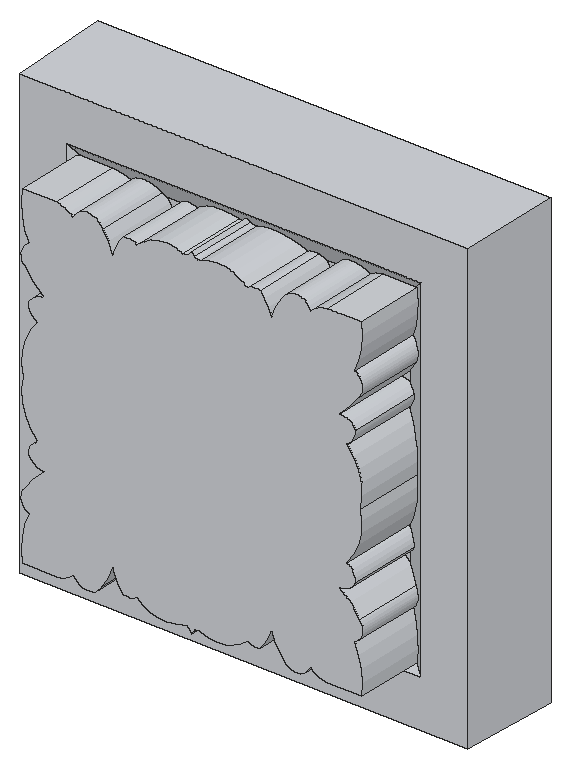
Revit family "OracDecor_D210", category Обобщенные модели, Revit 2019
Family settings
  Может служить основой для арматурных стержней = Нет
  Размер круглого соединителя = Использовать диаметр
  Тип детали = Нормальный
  На основе рабочей плоскости = Нет
  Всегда вертикально = Да
  При загрузке вырезать с полостями = Нет
  Общий = Нет
  Точка расчета площади = Нет
Parameters
  Изготовитель = "Family from POCHERTEAM"  # constant formula
  URL = "t.me/pocherteam"
Reference planes
  plane 1 "По центру (Вперед/Назад)": y = 0
  plane 2: z = 0
  plane 3 "По центру (Влево/Вправо)": x = 0
Forms (mm)
  Sweep 1, solid
    path origin (0, 0, 0) x (1, 0, 0) y (0, 0, 1)
      loop
        line (0, 0) -> (96, 0) -> (96, 96) -> (0, 96) -> (0, 0)
    profile origin (0, 0, 48) x (-1, 0, 0) y (0, -1, 0)
      loop
        line (-0.549, 21.3) -> (-10.445, 21.3) -> (-15, 18.67) -> (-15, 0) -> (0, 0) -> (-0.549, 21.3)
  Extrusion 2, solid
    sketch origin (0, 0, 0) x (1, 0, 0) y (0, 0, 1)
      loop
        line (15, 81) -> (15, 15) -> (81, 15) -> (81, 81) -> (15, 81)
    from 0 to 18.67
  Extrusion 3, solid
    sketch origin (0, 0, 0) x (1, 0, 0) y (0, 0, 1)
      loop
        arc (12.012, 12.424) -> (15.617, 12.249) -> (19.221, 12.424) r 37.186
        arc (19.221, 12.424) -> (21.151, 12.951) -> (22.796, 14.091) r 5.927
        arc (22.796, 14.091) -> (25.907, 12.109) -> (29.017, 14.091) r 3.432
        arc (29.017, 14.091) -> (30.286, 16.065) -> (31.213, 18.221) r 14.24
        arc (31.213, 18.221) -> (32.068, 15.969) -> (33.526, 14.05) r 8.432
        arc (33.526, 14.05) -> (34.964, 13.914) -> (36.291, 14.488) r 2.903
        arc (36.291, 14.488) -> (40.933, 12.139) -> (46.099, 12.758) r 8.981
        arc (46.099, 12.758) -> (46.866, 12.817) -> (47.5, 12.383) r 1.16
        line (47.5, 12.383) -> (48, 11.703) -> (48.5, 12.383)
        arc (48.5, 12.383) -> (49.134, 12.817) -> (49.901, 12.758) r 1.16
        arc (49.901, 12.758) -> (55.067, 12.139) -> (59.709, 14.488) r 8.981
        arc (59.709, 14.488) -> (61.036, 13.914) -> (62.474, 14.05) r 2.903
        arc (62.474, 14.05) -> (63.932, 15.969) -> (64.787, 18.221) r 8.432
        arc (64.787, 18.221) -> (65.714, 16.065) -> (66.983, 14.091) r 14.24
        arc (66.983, 14.091) -> (70.093, 12.109) -> (73.204, 14.091) r 3.432
        arc (73.204, 14.091) -> (74.849, 12.951) -> (76.779, 12.424) r 5.927
        arc (76.779, 12.424) -> (80.383, 12.249) -> (83.988, 12.424) r 37.186
        arc (83.988, 12.424) -> (84.012, 17.49) -> (82.423, 22.301) r 15.721
        arc (82.423, 22.301) -> (84.176, 24.254) -> (83.545, 26.802) r 2.804
        arc (83.545, 26.802) -> (81.583, 29.263) -> (79.355, 31.486) r 27.707
        arc (79.355, 31.486) -> (81.301, 32.063) -> (82.723, 33.51) r 4.057
        arc (82.723, 33.51) -> (82.186, 35.369) -> (80.798, 36.715) r 3.769
        arc (80.798, 36.715) -> (83.649, 41.998) -> (83.793, 48) r 12.865
        arc (83.793, 48) -> (83.649, 54.002) -> (80.798, 59.285) r 12.865
        arc (80.798, 59.285) -> (82.186, 60.631) -> (82.723, 62.49) r 3.769
        arc (82.723, 62.49) -> (81.301, 63.937) -> (79.355, 64.514) r 4.057
        arc (79.355, 64.514) -> (81.583, 66.737) -> (83.545, 69.198) r 27.707
        arc (83.545, 69.198) -> (84.176, 71.746) -> (82.423, 73.699) r 2.804
        arc (82.423, 73.699) -> (84.012, 78.51) -> (83.988, 83.576) r 15.721
        arc (83.988, 83.576) -> (80.383, 83.751) -> (76.779, 83.576) r 37.186
        arc (76.779, 83.576) -> (74.849, 83.049) -> (73.204, 81.909) r 5.927
        arc (73.204, 81.909) -> (70.093, 83.891) -> (66.983, 81.909) r 3.432
        arc (66.983, 81.909) -> (65.714, 79.935) -> (64.787, 77.779) r 14.24
        arc (64.787, 77.779) -> (63.932, 80.031) -> (62.474, 81.95) r 8.432
        arc (62.474, 81.95) -> (61.036, 82.086) -> (59.709, 81.512) r 2.903
        arc (59.709, 81.512) -> (55.067, 83.861) -> (49.901, 83.242) r 8.981
        arc (49.901, 83.242) -> (49.134, 83.183) -> (48.5, 83.617) r 1.16
        line (48.5, 83.617) -> (48, 84.297) -> (47.5, 83.617)
        arc (47.5, 83.617) -> (46.866, 83.183) -> (46.099, 83.242) r 1.16
        arc (46.099, 83.242) -> (40.933, 83.861) -> (36.291, 81.512) r 8.981
        arc (36.291, 81.512) -> (34.964, 82.086) -> (33.526, 81.95) r 2.903
        arc (33.526, 81.95) -> (32.068, 80.031) -> (31.213, 77.779) r 8.432
        arc (31.213, 77.779) -> (30.286, 79.935) -> (29.017, 81.909) r 14.24
        arc (29.017, 81.909) -> (25.907, 83.891) -> (22.796, 81.909) r 3.432
        arc (22.796, 81.909) -> (21.151, 83.049) -> (19.221, 83.576) r 5.927
        arc (19.221, 83.576) -> (15.617, 83.751) -> (12.012, 83.576) r 37.186
        arc (12.012, 83.576) -> (11.988, 78.51) -> (13.577, 73.699) r 15.721
        arc (13.577, 73.699) -> (11.824, 71.746) -> (12.455, 69.198) r 2.804
        arc (12.455, 69.198) -> (14.417, 66.737) -> (16.645, 64.514) r 27.707
        arc (16.645, 64.514) -> (14.699, 63.937) -> (13.277, 62.49) r 4.057
        arc (13.277, 62.49) -> (13.814, 60.631) -> (15.202, 59.285) r 3.769
        arc (15.202, 59.285) -> (12.351, 54.002) -> (12.207, 48) r 12.865
        arc (12.207, 48) -> (12.351, 41.998) -> (15.202, 36.715) r 12.865
        arc (15.202, 36.715) -> (13.814, 35.369) -> (13.277, 33.51) r 3.769
        arc (13.277, 33.51) -> (14.699, 32.063) -> (16.645, 31.486) r 4.057
        arc (16.645, 31.486) -> (14.417, 29.263) -> (12.455, 26.802) r 27.707
        arc (12.455, 26.802) -> (11.824, 24.254) -> (13.577, 22.301) r 2.804
        arc (13.577, 22.301) -> (11.988, 17.49) -> (12.012, 12.424) r 15.721
    from 17 to 35
Cuts and joins
  joined: Sweep 1, Extrusion 2, Extrusion 3
Dimensions and locks
  Sweep 1 to level = 96 mm
  Sweep 1 to plane 3 "По центру (Влево/Вправо)" = 96 mm
  Extrusion 3 to plane 1 "По центру (Вперед/Назад)" = 35 mm
  aligned and locked: level to plane 2
  aligned and locked: Extrusion 2 to Sweep 1
